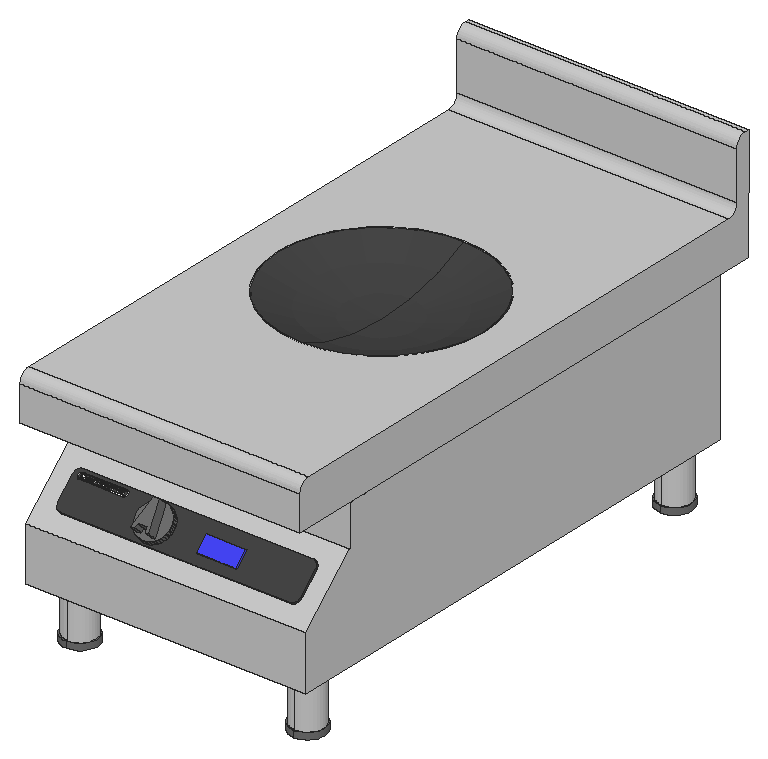
Revit family "QF_ADVENTYS_MOWI_8000_250902084444", category Specialty Equipment, Revit 2021
Family settings
  Round Connector Dimension = Use Diameter
  Part Type = Normal
  OmniClass Number = 23.40.40.14
  OmniClass Title = Food Service Equipment
  Work Plane-Based = No
  Always vertical = Yes
  Cut with Voids When Loaded = No
  Shared = No
  Room Calculation Point = No
Parameters (values of type "ADV1661")
  Weight in Pounds [instance] = 0
  Weight = 30.00 kg
  Warranty Start Date [instance] = ""
  Warranty Duration [instance] = ""
  Volts [instance] = 400 V
  URL Recommended Spares List = ""
  URL Manufacturer = ""
  URL Cutsheet = ""
  URL Critical Spares List = ""
  URL = "www.adventys.com"
  Tag Number [instance] = ""
  Status [instance] = ""
  Specification by User [instance] = ""
  Specification by Manufacturer [instance] = ""
  Sound Level [instance] = ""
  Solid Fuel Type [instance] = ""
  Service Life Duration [instance] = ""
  Serial Number [instance] = ""
  Seismic Rating [instance] = ""
  SMACNA No [instance] = ""
  Revision Code [instance] = ""
  Revision [instance] = ""
  Production Year [instance] = ""
  Point Load [instance] = 0
  Phase [instance] = 1
  Other Equipment Approvals [instance] = ""
  Number of Poles [instance] = 1
  NAFEM Spec ID Number [instance] = ""
  Model Warning [instance] = ""
  Model = "MOWI 8000"
  Min Ckt Ampacity [instance] = 0 A
  Max Overcurrent Protection [instance] = 0 A
  Masterspec [instance] = ""
  Manufacturer = "ADVENTYS"
  Length Actual = 400 mm
  Item Number [instance] = ""
  Installed By [instance] = ""
  Installation Date [instance] = ""
  Identify Quantity as Lot [instance] = no
  ID [instance] = ""
  Hygiene Approval [instance] = ""
  Hot Water Consumption = 0.0 L/s
  Height Actual = 455 mm
  HP power [instance] = ""
  Furnished By [instance] = ""
  Foodservice Equipment Identifier [instance] = no
  FL Amps [instance] = 12 A
  Electrical Remarks [instance] = "Plug not included"
  Electric power [instance] = 0 W
  Electric Connection Type [instance] = "Cord&Plug"
  Elec Conn RI Height [instance] = 0 mm
  Elec Conn Connection Height [instance] = 0 mm
  ETL Approved [instance] = no
  Description = "INDUCTION WOK MODULE THREE-PHASE"
  Depth Actual = 800 mm
  Default Elevation = 0 mm
  Cycle [instance] = 50 Hz
  Cost = 0
  Conn Plug [instance] = ""
  Conn Conduit [instance] = no
  CSI MasterFormat [instance] = ""
  CE Approved [instance] = no
  Barcode [instance] = 0
  Author [instance] = ""
  Asset Identifier [instance] = ""
  Apparent Power [instance] = 8000 VA
  Accessory = no
Reference planes
  plane 1 "Center (Front/Back)": y = 0
  plane 2: z = 0
  plane 3 "Center (Left/Right)": x = 0
Forms (mm)
  Extrusion 1, solid, not visible
    sketch origin (108.005, -39.002, 238.012) x (1, 0, 0) y (0, 1, 0)
      loop
        line (-2, 2) -> (-2, -2) -> (2, -2) -> (2, 2) -> (-2, 2)
    from -2 to 2
Dimensions and locks
  locked: Extrusion 1 to nested 2
  locked: nested 2 to Extrusion 1 at 2
  aligned and locked: level to plane 2
Nested families
  nested 1: "QF_ADVENTYS_ADV1661_2916" at (0, 0, 0), type "ADV1661"
    with Status ""
  nested 2: "CONN_POINT_ELE_2D___Generic_Annotation" at (108.005, -37.002, 238.012), type "CONN_POINT_ELE_2D___Generic_Annotation"
    with Onboard connection annotation symbol visibility yes
Connectors
  electrical at (108.005, -37.002, 238.012), driven by "Apparent Power", driven by "Number of Poles", driven by "Volts"
    settings: on Extrusion 1, index 1, voltage 400 V, apparent load 0 VA, apparent load phase1 8000 VA, apparent load phase2 0 VA, apparent load phase3 0 VA, power factor 1, load classification "Other", number of poles 1, system type 31, power factor state 1, is connector primary yes, connector utility no, sub classification motor no, connector description "Electrical connection for MOWI 8000"
Definition of nested family "QF_ADVENTYS_ADV1661_2916"
  Parameters (values of type "ADV1661")
    URL = "www.adventys.com"
    Status [instance] = ""
    Show Logo = yes
    Model = "MOWI 8000"
    Manufacturer = "ADVENTYS"
    Description = "INDUCTION WOK MODULE THREE-PHASE"
    Default Elevation = 0 mm
    Author = "SPECIFI"
    Assembly Code = "E1090320"
  Reference planes
    plane 1 "Back": y = 0
    plane 2: z = 0
    plane 3 "Left": x = 0
    plane 4 "Right": x = 400
    plane 5 "Front": y = -800
    plane 6 "Top": z = 455
  Forms (mm)
    Extrusion 1, solid
      sketch origin (0, 0, 0) x (0, 1, 0) y (0, 0, 1)
        loop
          line (-790, 80) -> (-50, 80) -> (-50, 290.8) -> (-712.5, 290.8) -> (-712.5, 231.089) -> (-790, 157.462) -> (-790, 80)
      from 0 to 400
    Revolve 2, solid
      sketch origin (37.5, -15, 0) x (0, 1, 0) y (0, 0, 1)
        loop
          line (-747.5, 80) -> (-747.5, 8.946) -> (-725, 8.946) -> (-725, 80) -> (-747.5, 80)
        axis (-725, 80) -> (-725, 8.946)
      angle from 0 to 360
    Revolve 3, solid
      sketch origin (37.5, -15, -71.054) x (0, 1, 0) y (0, 0, 1)
        loop
          line (-749.688, 80) -> (-749.688, 71.054) -> (-725, 71.054) -> (-725, 80) -> (-749.688, 80)
        axis (-725, 80) -> (-725, 71.054)
      angle from 0 to 360
    Revolve 4, solid
      sketch origin (362.5, -15, 0) x (0, 1, 0) y (0, 0, 1)
        loop
          line (-747.5, 80) -> (-747.5, 8.946) -> (-725, 8.946) -> (-725, 80) -> (-747.5, 80)
        axis (-725, 80) -> (-725, 8.946)
      angle from 0 to 360
    Revolve 5, solid
      sketch origin (362.5, -15, -71.054) x (0, 1, 0) y (0, 0, 1)
        loop
          line (-749.688, 80) -> (-749.688, 71.054) -> (-725, 71.054) -> (-725, 80) -> (-749.688, 80)
        axis (-725, 80) -> (-725, 71.054)
      angle from 0 to 360
    Revolve 6, solid
      sketch origin (37.5, 640, 0) x (0, 1, 0) y (0, 0, 1)
        loop
          line (-747.5, 80) -> (-747.5, 8.946) -> (-725, 8.946) -> (-725, 80) -> (-747.5, 80)
        axis (-725, 80) -> (-725, 8.946)
      angle from 0 to 360
    Revolve 7, solid
      sketch origin (37.5, 640, -71.054) x (0, 1, 0) y (0, 0, 1)
        loop
          line (-749.688, 80) -> (-749.688, 71.054) -> (-725, 71.054) -> (-725, 80) -> (-749.688, 80)
        axis (-725, 80) -> (-725, 71.054)
      angle from 0 to 360
    Revolve 8, solid
      sketch origin (362.5, 640, 0) x (0, 1, 0) y (0, 0, 1)
        loop
          line (-747.5, 80) -> (-747.5, 8.946) -> (-725, 8.946) -> (-725, 80) -> (-747.5, 80)
        axis (-725, 80) -> (-725, 8.946)
      angle from 0 to 360
    Revolve 9, solid
      sketch origin (362.5, 640, -71.054) x (0, 1, 0) y (0, 0, 1)
        loop
          line (-749.688, 80) -> (-749.688, 71.054) -> (-725, 71.054) -> (-725, 80) -> (-749.688, 80)
        axis (-725, 80) -> (-725, 71.054)
      angle from 0 to 360
    Extrusion 10, solid
      sketch origin (0, 0, 0) x (0, 1, 0) y (0, 0, 1)
        loop
          line (-35, 355.8) -> (-50, 355.8) -> (-50, 290.8) -> (0, 290.8) -> (0, 455) -> (-5, 455)
          arc (-5, 455) -> (-15.607, 450.607) -> (-20, 440) r 15
          line (-20, 440) -> (-20, 370.8)
          arc (-20, 370.8) -> (-24.393, 360.193) -> (-35, 355.8) r 15
      from 0 to 400
    Extrusion 11, solid
      sketch origin (0, 0, 170) x (0, 1, 0) y (0, 0, 1)
        loop
          line (-800, 120.8) -> (-712.5, 120.8) -> (-712.5, 185.8) -> (-785, 185.8)
          arc (-785, 185.8) -> (-795.607, 181.407) -> (-800, 170.8) r 15
          line (-800, 170.8) -> (-800, 120.8)
      from 0 to 400
    Extrusion 12, solid
      sketch origin (0, 0, 0) x (1, 0, 0) y (0, 1, 0)
        loop
          line (0, -50) -> (0, -712.5) -> (400, -712.5) -> (400, -50) -> (0, -50)
        loop
          circle (200, -405) r 147
      from 290.8 to 355.8
    Revolve 13, solid
      sketch origin (200, 0, 0) x (0, 1, 0) y (0, 0, 1)
        loop
          line (-552, 355.8) -> (-552, 290.8) -> (-405, 290.8) -> (-405, 320.8)
          arc (-405, 320.8) -> (-480.766, 328.784) -> (-552, 355.8) r 296.662
        axis (-405, 355.8) -> (-405, 290.8)
      angle from 0 to 360
    Extrusion 14, solid
      sketch origin (-2.654, 0, 11.25) x (1, 0, 0) y (0, 0, 1)
        loop
          line (173, 264) -> (47, 264) -> (47, 170) -> (173, 170) -> (173, 264)
      from 47.858 to 50
    Extrusion 15, solid
      sketch origin (-2.654, 0, 11.25) x (1, 0, 0) y (0, 0, 1)
        loop
          circle (110.78, 227.161) r 15
      from 36.426 to 47.858
    Extrusion 16, solid
      sketch origin (525, -711.774, 231.779) x (0, -0.724991, -0.688759) y (1, 0, 0)
        loop
          arc (26.45, -488.6) -> (29.379, -495.671) -> (36.45, -498.6) r 10
          line (36.45, -498.6) -> (72.45, -498.6)
          arc (72.45, -498.6) -> (79.521, -495.671) -> (82.45, -488.6) r 10
          line (82.45, -488.6) -> (82.45, -161.4)
          arc (82.45, -161.4) -> (79.521, -154.329) -> (72.45, -151.4) r 10
          line (72.45, -151.4) -> (36.45, -151.4)
          arc (36.45, -151.4) -> (29.379, -154.329) -> (26.45, -161.4) r 10
          line (26.45, -161.4) -> (26.45, -488.6)
      from 0 to 1.881
    Extrusion 17, solid
      sketch origin (517.5, -711.774, 231.779) x (0, -0.724991, -0.688759) y (1, 0, 0)
        loop
          line (44.95, -293.6) -> (68.95, -293.6) -> (68.95, -237.6) -> (44.95, -237.6) -> (44.95, -293.6)
      from 1.881 to 3.679
    Extrusion 18, solid
      sketch origin (517.5, -711.774, 231.779) x (0, -0.724991, -0.688759) y (1, 0, 0)
        loop
          line (77.193, -371.481) -> (78.52, -367.858) -> (79.283, -363.991) -> (79.427, -360.015) -> (78.941, -356.081) -> (77.862, -352.331) -> (76.265, -348.888) -> (74.254, -345.841) -> (71.944, -343.24) -> (69.45, -341.1) -> (66.873, -339.405) -> (64.297, -338.121) -> (61.785, -337.2) -> (59.381, -336.591) -> (56.817, -336.212) -> (54.45, -336.1) -> (52.084, -336.212) -> (49.52, -336.591) -> (47.116, -337.2) -> (44.604, -338.121) -> (42.027, -339.405) -> (39.45, -341.1) -> (36.956, -343.24) -> (34.647, -345.841) -> (32.636, -348.888) -> (31.039, -352.331) -> (29.959, -356.081) -> (29.474, -360.015) -> (29.618, -363.991) -> (30.381, -367.858) -> (31.708, -371.481) -> (33.507, -374.752) -> (35.926, -377.889) -> (38.945, -380.711) -> (42.475, -383.045) -> (46.365, -384.756) -> (50.423, -385.773) -> (54.45, -386.1) -> (58.478, -385.773) -> (62.536, -384.756) -> (66.426, -383.045) -> (69.956, -380.711) -> (72.974, -377.889) -> (75.393, -374.752) -> (77.193, -371.481)
      from 1.881 to 10
    Extrusion 19, solid
      sketch origin (517.5, -711.774, 231.779) x (0, -0.724991, -0.688759) y (1, 0, 0)
        loop
          line (72.45, -353.1) -> (72.45, -348.1) -> (31.45, -357.1) -> (31.45, -365.1) -> (72.45, -374.1) -> (72.45, -369.1) -> (66.45, -367.1) -> (66.45, -355.1) -> (72.45, -353.1)
      from 10 to 25.009
    Extrusion 20, solid, visible <- "Show Logo"
      sketch origin (-49.765, -309.46, 372.757) x (1, 0, 0) y (0, 0.724991, 0.688759)
        loop
          arc (88.581, -421.313) -> (88.113, -421.507) -> (87.92, -421.974) r 0.661
          line (87.92, -421.974) -> (87.92, -423.61)
          arc (87.92, -423.61) -> (88.124, -424.087) -> (88.609, -424.27) r 0.661
          line (88.609, -424.27) -> (88.609, -423.032)
          arc (88.609, -423.032) -> (88.952, -422.351) -> (89.662, -422.077) r 1.058
          line (89.662, -422.077) -> (92.486, -422.077)
          arc (92.486, -422.077) -> (92.335, -421.544) -> (91.833, -421.313) r 0.661
          line (91.833, -421.313) -> (88.581, -421.313)
        loop
          arc (88.581, -420.916) -> (87.833, -421.226) -> (87.523, -421.974) r 1.058
          line (87.523, -421.974) -> (87.523, -423.61)
          arc (87.523, -423.61) -> (87.843, -424.368) -> (88.609, -424.667) r 1.058
          arc (88.609, -424.667) -> (88.88, -425.483) -> (89.667, -425.828) r 1.058
          arc (89.667, -425.828) -> (89.974, -426.583) -> (90.725, -426.896) r 1.058
          line (90.725, -426.896) -> (93.719, -426.896)
          arc (93.719, -426.896) -> (94.467, -426.586) -> (94.777, -425.838) r 1.058
          line (94.777, -425.838) -> (94.777, -424.306)
          arc (94.777, -424.306) -> (94.463, -423.554) -> (93.708, -423.248) r 1.058
          arc (93.708, -423.248) -> (93.515, -422.517) -> (92.883, -422.101) r 1.058
          arc (92.883, -422.101) -> (92.625, -421.273) -> (91.833, -420.916) r 1.058
          line (91.833, -420.916) -> (88.581, -420.916)
        loop
          arc (93.719, -426.499) -> (94.187, -426.306) -> (94.38, -425.838) r 0.661
          line (94.38, -425.838) -> (94.38, -424.306)
          arc (94.38, -424.306) -> (94.185, -423.837) -> (93.714, -423.645) r 0.661
          line (93.714, -423.645) -> (93.714, -424.77)
          arc (93.714, -424.77) -> (93.404, -425.518) -> (92.656, -425.828) r 1.058
          line (92.656, -425.828) -> (90.064, -425.828)
          arc (90.064, -425.828) -> (90.254, -426.302) -> (90.725, -426.499) r 0.661
          line (90.725, -426.499) -> (93.719, -426.499)
        loop
          arc (95.546, -425.156) -> (95.587, -425.684) -> (96.116, -425.67) r 0.384
          line (96.116, -425.67) -> (96.845, -424.94) -> (99.743, -424.94) -> (100.472, -425.67)
          arc (100.472, -425.67) -> (101.001, -425.684) -> (101.042, -425.156) r 0.384
          line (101.042, -425.156) -> (98.294, -421.762) -> (95.546, -425.156)
        loop
          line (98.294, -423.127) -> (97.364, -424.275) -> (99.224, -424.275) -> (98.294, -423.127)
        loop
          line (102.315, -421.827) -> (102.315, -425.732) -> (105.995, -425.732)
          arc (105.995, -425.732) -> (107.947, -423.78) -> (105.995, -421.827) r 1.953
          line (105.995, -421.827) -> (102.315, -421.827)
        loop
          line (105.995, -422.854) -> (103.343, -422.854) -> (103.343, -424.705) -> (105.995, -424.705)
          arc (105.995, -424.705) -> (106.92, -423.78) -> (105.995, -422.854) r 0.925
        loop
          arc (109.84, -422.053) -> (109.312, -422.039) -> (109.27, -422.566) r 0.384
          line (109.27, -422.566) -> (112.019, -425.961) -> (114.767, -422.566)
          arc (114.767, -422.566) -> (114.725, -422.039) -> (114.197, -422.053) r 0.384
          line (114.197, -422.053) -> (112.019, -424.743) -> (109.84, -422.053)
        loop
          line (121.269, -421.781) -> (116.07, -421.781) -> (116.07, -425.732) -> (121.269, -425.732)
          arc (121.269, -425.732) -> (121.671, -425.331) -> (121.269, -424.93) r 0.401
          line (121.269, -424.93) -> (116.972, -424.93) -> (116.972, -424.139) -> (121.269, -424.139)
          arc (121.269, -424.139) -> (121.633, -423.775) -> (121.269, -423.412) r 0.363
          line (121.269, -423.412) -> (116.972, -423.412) -> (116.972, -422.583) -> (121.269, -422.583)
          arc (121.269, -422.583) -> (121.671, -422.182) -> (121.269, -421.781) r 0.401
        loop
          line (122.879, -422.331) -> (122.879, -425.274)
          arc (122.879, -425.274) -> (123.306, -425.701) -> (123.733, -425.274) r 0.427
          line (123.733, -425.274) -> (123.733, -423.122) -> (127.538, -425.5)
          arc (127.538, -425.5) -> (128.155, -425.516) -> (128.468, -424.984) r 0.608
          line (128.468, -424.984) -> (128.468, -422.254)
          arc (128.468, -422.254) -> (128.018, -421.804) -> (127.568, -422.254) r 0.45
          line (127.568, -422.254) -> (127.568, -424.337) -> (123.663, -421.897)
          arc (123.663, -421.897) -> (123.143, -421.883) -> (122.879, -422.331) r 0.513
        loop
          arc (130.273, -421.857) -> (129.778, -422.352) -> (130.273, -422.846) r 0.494
          line (130.273, -422.846) -> (132.065, -422.846) -> (132.065, -425.082)
          arc (132.065, -425.082) -> (132.54, -425.558) -> (133.016, -425.082) r 0.475
          line (133.016, -425.082) -> (133.016, -422.846) -> (134.724, -422.846)
          arc (134.724, -422.846) -> (135.218, -422.352) -> (134.724, -421.857) r 0.494
          line (134.724, -421.857) -> (130.273, -421.857)
        loop
          line (139.461, -423.175) -> (137.5, -421.853)
          arc (137.5, -421.853) -> (136.836, -421.982) -> (136.965, -422.646) r 0.479
          line (136.965, -422.646) -> (138.926, -423.969) -> (138.926, -425.108)
          arc (138.926, -425.108) -> (139.461, -425.643) -> (139.997, -425.108) r 0.535
          line (139.997, -425.108) -> (139.997, -423.969) -> (141.958, -422.646)
          arc (141.958, -422.646) -> (142.087, -421.982) -> (141.423, -421.853) r 0.479
          line (141.423, -421.853) -> (139.461, -423.175)
        loop
          line (148.501, -421.857) -> (144.795, -421.857)
          arc (144.795, -421.857) -> (143.661, -422.991) -> (144.795, -424.125) r 1.134
          line (144.795, -424.125) -> (147.852, -424.125)
          arc (147.852, -424.125) -> (148.265, -424.538) -> (147.852, -424.951) r 0.413
          line (147.852, -424.951) -> (144.128, -424.951)
          arc (144.128, -424.951) -> (143.786, -425.292) -> (144.128, -425.634) r 0.342
          line (144.128, -425.634) -> (148.218, -425.634)
          arc (148.218, -425.634) -> (148.994, -424.394) -> (147.885, -423.44) r 1.122
          line (147.885, -423.44) -> (144.736, -423.44)
          arc (144.736, -423.44) -> (144.286, -422.99) -> (144.736, -422.541) r 0.45
          line (144.736, -422.541) -> (148.501, -422.541)
          arc (148.501, -422.541) -> (148.843, -422.199) -> (148.501, -421.857) r 0.342
        loop
          arc (87.442, -420.162) -> (83.674, -423.931) -> (87.442, -427.699) r 3.769
          line (87.442, -427.699) -> (150.103, -427.699)
          arc (150.103, -427.699) -> (153.872, -423.931) -> (150.103, -420.162) r 3.769
          line (150.103, -420.162) -> (87.442, -420.162)
        loop
          arc (87.442, -419.771) -> (83.283, -423.931) -> (87.442, -428.091) r 4.16
          line (87.442, -428.091) -> (150.103, -428.091)
          arc (150.103, -428.091) -> (154.263, -423.931) -> (150.103, -419.771) r 4.16
          line (150.103, -419.771) -> (87.442, -419.771)
      from 176.77 to 176.97
  Cuts and joins
    joined: Extrusion 10, Extrusion 11, Extrusion 12
  Lines and regions (mm)
    symbolic lines
      curve 1: line (0, 0, 0) -> (400, 0, 0)
      curve 2: line (0, -800, 0) -> (0, 0, 0)
      curve 3: line (400, -800, 0) -> (0, -800, 0)
      curve 4: line (400, 0, 0) -> (400, -800, 0)
      curve 5: arc (200, -258, 0) -> (347, -405, 0) -> (200, -552, 0) r 147
      curve 6: arc (200, -552, 0) -> (53, -405, 0) -> (200, -258, 0) r 147
      curve 7: line (400, -20, 0) -> (0, -20, 0)
  Dimensions and locks
    plane 3 "Left" to plane 4 "Right" = 400 mm
    plane 5 "Front" to plane 1 "Back" = 800 mm
    plane 6 "Top" to level = 455 mm
    aligned and locked: level to plane 2
Definition of nested family "CONN_POINT_ELE_2D___Generic_Annotation"
  Parameters (values of type "CONN_POINT_ELE_2D___Generic_Annotation")
    Onboard connection annotation symbol visibility [instance] = yes
  Reference planes
    plane 1: y = 0
    plane 2: x = 0
  Lines and regions (mm)
    detail lines, visible <- "Onboard connection annotation symbol visibility"
      curve 1: circle (0, 0, 0) r 0.5 normal (0, 0, 1)
      curve 2: line (-1, 0, 0) -> (1, 0, 0)
      curve 3: line (0, 1, 0) -> (0, -1, 0)
      curve 4: line (2.5, 1, 0) -> (1.25, 1, 0)
      curve 5: line (1.25, 1, 0) -> (1.25, -1, 0)
      curve 6: line (1.25, -1, 0) -> (2.5, -1, 0)
      curve 7: line (1.25, 0, 0) -> (2, 0, 0)
